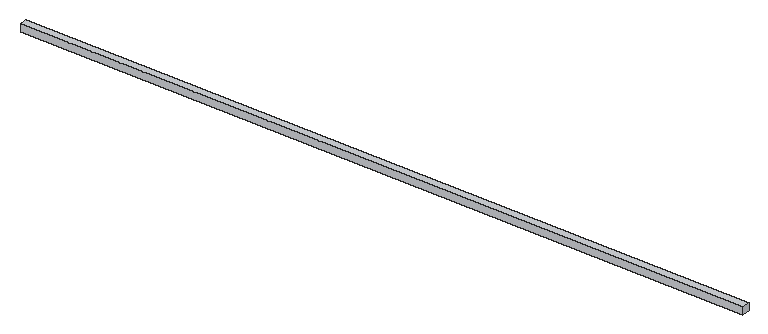
Revit family "SUPERBRILLOSA NEON FLEX_S24NX35U.1_N.1", category Luminarias, Revit 2019
Family settings
  Cota de conector redondo = Diámetro de uso
  Tipo de pieza = Normal
  Se basa en plano de trabajo = Sí
  Siempre vertical = No
  Corte con vacíos al cargar = No
  Origen de luz = Sí
  Compartido = No
  Punto de cálculo de habitación = No
Parameters (values of type "SUPERBRILLOSA NEON FLEX_S24NX35N.1")
  Zone [instance] = ""
  Watt per fixture [instance] = (Longitud / 1000 mm) * (14.4)  # 14.4
  Wattage = 14.4 W
  built-in parameter 1150107 = 4000 (stored number, unit not read)
  Light Source Symbol Size = 609.6 mm
  built-in parameter 1150110 = 1 (stored number, unit not read)
  built-in parameter 1150109 = 1 (stored number, unit not read)
  built-in parameter 1150112 = 1 (stored number, unit not read)
  built-in parameter 1150113 = 1 (stored number, unit not read)
  built-in parameter 1114218 = 1 (stored number, unit not read)
  built-in parameter 1150137 = (empty or 0)
  built-in parameter 1150132 = (empty or 0)
  Modelo Lampara = ""
  Modelo = "S24NX35N.1"
  Marca = "BRILLANT"
  Longitud de línea de emisión = 600 mm
  Longitud [instance] = 1000 mm
  built-in parameter 1150105 = 320.86 (stored number, unit not read)
  built-in parameter 1150102 = (empty or 0)
  built-in parameter 1150106 = 3.2086 (stored number, unit not read)
  Lumens = 1008 lm
  Color Filter = 16777215
  built-in parameter 1114217 = 1 (stored number, unit not read)
  built-in parameter 1150139 = (empty or 0)
  Fabricante = "BRILLANT"
  Default Elevation = 0 mm
  built-in parameter 1150104 = 6.5032 (stored number, unit not read)
  Descripción = "TIRA SUPERBRILLOSA NEON FLEX DE PCB BLANCO CON UNA POTENCIA DE 14.4W/M, USO PARA EXTERIORES IP66, IRC 90,  TEMPERATURA EN BLANCO FRIO 4000K, 1008 LUMENES/M, PRESENTACION DE 5M, CORTE 5CM, ALIMENTADO A 24V, REQUIERE ACCESORIOS."
  built-in parameter 1150115 = 1 (stored number, unit not read)
  built-in parameter 1150114 = 1 (stored number, unit not read)
  Costo USD_S24NX35 [instance] = (Longitud / 1000 mm) * (25)  # 25
  Comentarios de vataje = "24"
  built-in parameter 1150138 = (empty or 0)
  built-in parameter 1150134 = 12
  Circuit [instance] = ""
  Dimming Lamp Color Temperature Shift = (empty or 0)
  built-in parameter 1150133 = 10 (stored number, unit not read)
Types (2, lengths in mm): name | built-in parameter 1150107 | Modelo | built-in parameter 1150105 | built-in parameter 1150106 | Lumens | built-in parameter 1150104 | Descripción | built-in parameter 1150134
  SUPERBRILLOSA NEON FLEX_S24NX35U.1 | 2700 (stored number, unit not read) | "S242300U.1" | 284.19 (stored number, unit not read) | 2.8419 (stored number, unit not read) | 892.8 lm | 5.76 (stored number, unit not read) | "TIRA SUPERBRILLOSA NEON FLEX DE PCB BLANCO CON UNA POTENCIA DE 14.4W/M, USO PARA EXTERIORES IP66, IRC 90,  TEMPERATURA EN BLANCO CALIDO 2700K, 893 LUMENES/M, PRESENTACION DE 5M, CORTE 5CM, ALIMENTADO A 24V, REQUIERE ACCESORIOS." | (empty or 0)
  SUPERBRILLOSA NEON FLEX_S24NX35N.1 | 4000 (stored number, unit not read) | "S24NX35N.1" | 320.86 (stored number, unit not read) | 3.2086 (stored number, unit not read) | 1008 lm | 6.5032 (stored number, unit not read) | "TIRA SUPERBRILLOSA NEON FLEX DE PCB BLANCO CON UNA POTENCIA DE 14.4W/M, USO PARA EXTERIORES IP66, IRC 90,  TEMPERATURA EN BLANCO FRIO 4000K, 1008 LUMENES/M, PRESENTACION DE 5M, CORTE 5CM, ALIMENTADO A 24V, REQUIERE ACCESORIOS." | 12
Reference planes
  plane 1 "Centro (Frontal/Posterior)": y = 0
  plane 2: z = 0
  plane 3 "Centro (Izquierda/Derecha)": x = 0
  plane 4 "IZQ": x = -1000
  plane 5: z = 10
Forms (mm)
  Extrusion 1, solid
    sketch origin (0, 0, 0) x (1, 0, 0) y (0, 1, 0)
      loop
        line (-1000, 5) -> (-1000, -5) -> (0, -5) -> (0, 5) -> (-1000, 5)
    from 0 to 10
Dimensions and locks
  plane 5 to imposter light = 10 mm
  "Longitud": plane 4 "IZQ" to plane 3 "Centro (Izquierda/Derecha)"
  aligned and locked: level to plane 2
  aligned and locked: plane 4 "IZQ" to Extrusion 1
  aligned and locked: plane 5 to Extrusion 1
  aligned and locked: plane 3 "Centro (Izquierda/Derecha)" to Extrusion 1
Automatic sketch dimensions
  Extrusion 1 sketch curve to plane 4 "IZQ" = 0 mm
  Extrusion 1 sketch curve to plane 3 "Centro (Izquierda/Derecha)" = 0 mm
  plane 1 "Centro (Frontal/Posterior)" to Extrusion 1 sketch curve = 5 mm
  Extrusion 1 sketch curve to plane 1 "Centro (Frontal/Posterior)" = 5 mm
Connectors
  electrical at (0, 0, 5)
    settings: on Extrusion 1, index 1, voltage 24 V, apparent load 0 VA, apparent load phase1 0 VA, apparent load phase2 0 VA, apparent load phase3 0 VA, power factor 1, load classification "Otro", number of poles 1, system type 31, power factor state 1, is connector primary yes, connector utility no, sub classification motor no, connector description ""
